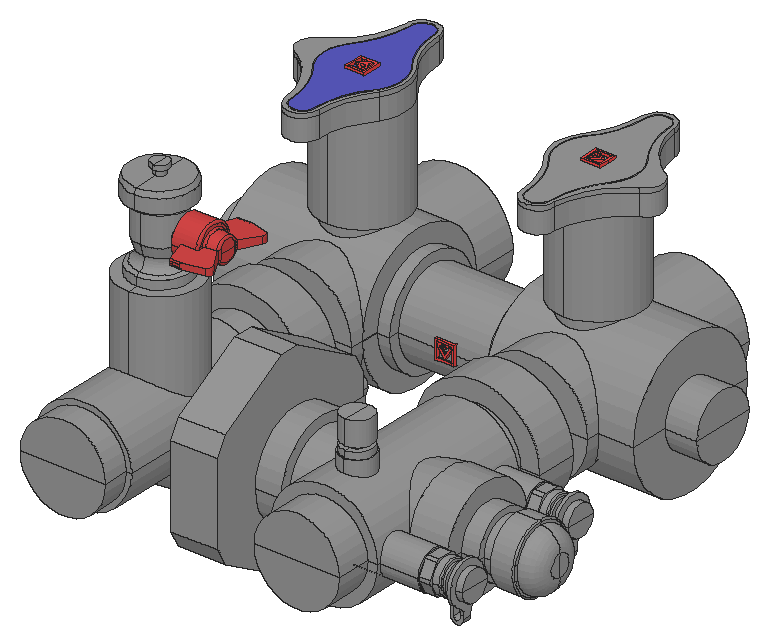
Revit family "HerzCon-Fan-coils and terminal units connection 120mm", category Rohrzubehör, Revit 2018
Family settings
  Bemaßung runder Anschluss = Durchmesser verwenden
  Teiletyp = Unterbricht
  OmniClass-Nummer = 23.65.55.14
  OmniClass-Titel = Valves for Liquid Services
  Arbeitsebenenbasiert = Nein
  Immer vertikal = Ja
  Beim Laden mit Abzugskörper schneiden = Nein
  Gemeinsam genutzt = Nein
Parameters (values of type "DN32")
  kvs-Wert (normal funktion) = 4.57  # constant formula
  kvs-Wert (bypass funktion) = 14.2  # constant formula
  URL = "www.herzvalves.com"
  SCRNSEQ = "ARM;TYP_ARM=\"DURR\";02"
  SCRNCODE = "05;04;04"  # constant formula
  Part number [instance] = 1460054  # constant formula
  Nennweite SF [instance] = 40.00 mm  # constant formula
  Nennweite Kombi [instance] = 40.00 mm  # constant formula
  Nennweite KH [instance] = 32.00 mm  # constant formula
  Min. operating temperature = -20 °C  # constant formula
  Membranes and O-rings = "EPDM"  # constant formula
  Medium = "Water purity in accordance with the ÖNORM H 5195 and VDI 2035 standards.\r\nEthylene and propylene glycol can be mixed to a ratio of 25 - 50 vol. [%]."
  Max. operating temperature = 130 °C  # constant formula
  Max. operating pressure = 2500000.0 Pa  # constant formula
  Max. differential pressure = 400000.0 Pa  # constant formula
  L11 = 16.00 mm  # constant formula
  L10 = 29.30 mm  # constant formula
  L09 = 20.00 mm  # constant formula
  L08 = 14.75 mm  # constant formula
  L07 = 19.25 mm  # constant formula
  L06 = 17.00 mm  # constant formula
  L05 = 26.50 mm  # constant formula
  L04 = 55.00 mm  # constant formula
  L03 = 22.40 mm  # constant formula
  L02 = 6.10 mm  # constant formula
  L01 = 15.00 mm  # constant formula
  L00 [instance] = 226.20 mm  # constant formula
  KR02 = 18.25 mm  # constant formula
  KR01 = 35.00 mm  # constant formula
  KL09 = 4.70 mm  # constant formula
  KL08 = KL06 + KL07  # 70.70 mm
  KL07 = 21.80 mm  # constant formula
  KL06 = KH01 + KL05  # 48.90 mm
  KL05 = 15.40 mm  # constant formula
  KL04 = 12.00 mm  # constant formula
  KL03 = KH03 - 9.00 mm  # 57.00 mm
  KL02 = 16.00 mm  # constant formula
  KL01 = 114.00 mm  # constant formula
  KH03 = 66.00 mm  # constant formula
  KH02 = KH01 + KD01  # 58.50 mm
  KH01 = 33.50 mm  # constant formula
  KD09 = 11.25 mm  # constant formula
  KD08 = 24.50 mm  # constant formula
  KD07 = 23.30 mm  # constant formula
  KD06 = 15.00 mm  # constant formula
  KD05 = 12.50 mm  # constant formula
  KD04 = 13.90 mm  # constant formula
  KD03 = 20.00 mm  # constant formula
  KD02 = 20.00 mm  # constant formula
  KD01 = 25.00 mm  # constant formula
  Lift = "4 mm"  # constant formula
  Hersteller = "HERZ Armaturen Ges.m.b.H."  # constant formula
  H01 = D02 + 1.00 mm  # 34.00 mm
  D10 = 21.40 mm  # constant formula
  D09 = 13.00 mm  # constant formula
  D08 = 18.40 mm  # constant formula
  D07 = 39.00 mm  # constant formula
  D06 = 45.00 mm  # constant formula
  D05 = 54.50 mm  # constant formula
  D04 = 20.00 mm  # constant formula
  D03 = 24.50 mm  # constant formula
  D02 = 33.00 mm  # constant formula
  D01 = 15.00 mm  # constant formula
  Body = "dezincification-resistant brass"  # constant formula
  Application = "HerzCON has been designed to give a simple connection to fan-coils, or other terminal units, and utilises the HERZ 4006 SMART Pressure Independent Balancing Control Valve with HERZ multifunctional ball valve and a HERZ strainer with HERZ drain valve 2512.\r\nOn/off or modulating 0 – 10 V DC actuators can be fitted and integrated to a BMS if required.\r\nThe unit allows pressure independent control ensuring full stroke regardless of pressure fluctuations, while guaranteeing a constant flow rate to the terminal unit maximising energy efficiency for the system.\r\nThe HerzCON unit also permits flushing and isolating operations to be undertaken.\r\nThis means there is no product differentiation between heating and chilled, one unit does both applications.\r\nThe drain cock fitted to the strainer allows flushing without the need to remove the strainer basket and also allows the strainer basket to be cleaned in-situ."
Reference planes
  plane 1 "Mitte (Vorne/hinten)": y = 0
  plane 2: z = 0
  plane 3 "Mitte (Links/rechts)": x = 0
Forms (mm)
  Revolve 1, solid, material "Messing, weicher Gelbton, geschweißt", detail levels fine
    sketch origin (0, -1.436, 0) x (1, 0, 0) y (0, 1, 0)
      loop
        line (-113.1, 1.436) -> (113.1, 1.436) -> (113.1, 16.436) -> (98.1, 16.436) -> (98.1, 34.436) -> (28.5, 34.436) -> (28.5, 25.936) -> (22.4, 25.936) -> (22.4, 21.436) -> (-22.4, 21.436) -> (-22.4, 25.936) -> (-28.5, 25.936) -> (-28.5, 34.436) -> (-98.1, 34.436) -> (-98.1, 16.436) -> (-113.1, 16.436) -> (-113.1, 1.436)
      axis (113.1, 1.436) -> (-113.1, 1.436)
    angle from 0 to 360
  Revolve 2, solid, material "Messing, weicher Gelbton, geschweißt", detail levels fine
    sketch origin (0, 0, 0) x (-1, 0, 0) y (0, 1, 0)
      loop
        line (-55, -57.4) -> (-55, 33.1) -> (-71, 33.1) -> (-71, 54.5) -> (-81.5, 54.5) -> (-81.5, -39) -> (-69.75, -39) -> (-69.75, -51.4) -> (-84.3, -51.4) -> (-84.3, -70.4) -> (-75, -70.4) -> (-75, -57.4) -> (-55, -57.4)
      axis (-55, -70.4) -> (-55, 54.5)
    angle from 0 to 360
  Revolve 3, solid, material "Messing, weicher Gelbton, geschweißt", detail levels fine
    sketch origin (0, 0, 0) x (1, 0, 0) y (0, 0, 1)
      loop
        line (-55, 0) -> (-55, 45) -> (-72, 45) -> (-72, 0) -> (-55, 0)
      axis (-55, 45) -> (-55, 0)
    angle from 0 to 360
  Revolve 4, solid, material "Messing, weicher Gelbton, geschweißt", detail levels fine
    sketch origin (0, 0, 0) x (-1, 0, 0) y (0, 0, 1)
      loop
        line (-55, 0) -> (-55, 45) -> (-72, 45) -> (-72, 0) -> (-55, 0)
      axis (-55, 45) -> (-55, 0)
    angle from 0 to 360
  Revolve 5, solid, material "Messing, weicher Gelbton, geschweißt", detail levels fine
    sketch origin (0, 0, 0) x (1, 0, 0) y (0, 1, 0)
      loop
        line (-55, -57.4) -> (-55, 33.1) -> (-71, 33.1) -> (-71, 54.5) -> (-81.5, 54.5) -> (-81.5, -39) -> (-69.75, -39) -> (-69.75, -51.4) -> (-84.3, -51.4) -> (-84.3, -70.4) -> (-75, -70.4) -> (-75, -57.4) -> (-55, -57.4)
      axis (-55, -70.4) -> (-55, 54.5)
    angle from 0 to 360
  Revolve 6, solid, material "Messing, weicher Gelbton, geschweißt", detail levels fine
    sketch origin (10, 7.177, 0) x (1, 0, 0) y (0, 1, 0)
      loop
        line (45, -68.677) -> (25, -68.677) -> (25, -84.677) -> (20, -84.677) -> (20, -166.677) -> (25, -166.677) -> (25, -182.677) -> (45, -182.677) -> (45, -68.677)
      axis (45, -68.677) -> (45, -182.677)
    angle from 0 to 360
  Revolve 7, solid, material "Messing, weicher Gelbton, geschweißt", detail levels fine
    sketch origin (10, -105.85, 0) x (1, 0, 0) y (0, 1, 0)
      loop
        line (11.5, -12.65) -> (11.5, -32.65) -> (45, -32.65) -> (70, -35.95) -> (87.8, -35.95) -> (87.8, -27.65) -> (96.3, -27.65) -> (96.3, -25.15) -> (102, -25.15) -> (102, -26.55) -> (111, -26.55) -> (111, -12.65) -> (11.5, -12.65)
      axis (11.5, -12.65) -> (111, -12.65)
    angle from 0 to 360
  Revolve 8, solid, material "Messing, weicher Gelbton, geschweißt", detail levels fine
    sketch origin (10, -105.85, 0) x (1, 0, 0) y (0, 1, 0)
      loop
        line (11.5, -12.65) -> (-3.9, -12.65) -> (-3.9, -23.9) -> (-0.5, -23.9) -> (-0.5, -37.15) -> (11.5, -37.15) -> (11.5, -12.65)
      axis (-3.9, -12.65) -> (11.5, -12.65)
    angle from 0 to 360
  Extrusion 9, solid, material "Messing, weicher Gelbton, geschweißt", detail levels fine
    sketch origin (-4.9, 62.574, 0) x (0, 1, 0) y (0, 0, 1)
      loop
        line (-176.324, 46) -> (-185.824, 46) -> (-218.536, 27.114) -> (-223.286, 18.886) -> (-223.286, -18.886) -> (-218.536, -27.114) -> (-185.824, -46) -> (-176.324, -46) -> (-143.612, -27.114) -> (-138.862, -18.886) -> (-138.862, 18.886) -> (-143.612, 27.114) -> (-176.324, 46)
    from 11 to -10.8
  Revolve 10, solid, material "Messing, weicher Gelbton, geschweißt", detail levels fine
    sketch origin (-4.9, -105.85, 0) x (1, 0, 0) y (0, 1, 0)
      loop
        line (-10.8, -12.65) -> (-10.8, 22.35) -> (-15.5, 5.6) -> (-15.5, -12.65) -> (-10.8, -12.65)
      axis (-15.5, -12.65) -> (-10.8, -12.65)
    angle from 0 to 360
  Extrusion 11, solid, material "Messing, weicher Gelbton, geschweißt", detail levels fine
    sketch origin (-4.9, -105.85, 0) x (1, 0, 0) y (0, 0, 1)
      loop
        line (11, 8) -> (-7.5, 8)
        arc (-7.5, 8) -> (-15.5, 0) -> (-7.5, -8) r 8
        line (-7.5, -8) -> (11, -8) -> (11, 8)
    from -30.847 to 12.65
  Revolve 12, solid, material "Messing, weicher Gelbton, geschweißt", detail levels fine
    sketch origin (-4.9, -105.85, 0) x (1, 0, 0) y (0, 1, 0)
      loop
        line (-14.5, 30.847) -> (-7.5, 30.847) -> (-7.5, 46.847) -> (-14.5, 46.847) -> (-14.5, 35.847) -> (-11.5, 35.847) -> (-11.5, 33.847) -> (-14.5, 33.847) -> (-14.5, 30.847)
      axis (-7.5, 46.847) -> (-7.5, 30.847)
    angle from 0 to 360
  Revolve 13, solid, material "Messing, weicher Gelbton, geschweißt", detail levels fine
    sketch origin (55, -105.85, 0) x (0, 1, 0) y (0, 0, 1)
      loop
        line (-34.65, 0) -> (-26.85, 0) -> (-26.85, 31) -> (-27.65, 31) -> (-27.65, 34) -> (-30.65, 34) -> (-30.65, 36) -> (-27.65, 36) -> (-27.65, 47) -> (-34.65, 47) -> (-34.65, 0)
      axis (-34.65, 47) -> (-34.65, 0)
    angle from 0 to 360
  Revolve 14, solid, material "Messing, weicher Gelbton, geschweißt", detail levels fine
    sketch origin (0, 0, 0) x (1, 0, 0) y (0, 1, 0)
      loop
        line (55, -96.5) -> (97.8, -96.5) -> (97.8, -87.5) -> (55, -87.5) -> (55, -96.5)
      axis (97.8, -87.5) -> (55, -87.5)
    angle from 0 to 360
  Revolve 15, solid, material "Messing, weicher Gelbton, geschweißt", detail levels fine
    sketch origin (0, -396.8, 0) x (1, 0, 0) y (0, -1, 0)
      loop
        line (55, -256.3) -> (97.8, -256.3) -> (97.8, -247.3) -> (55, -247.3) -> (55, -256.3)
      axis (97.8, -247.3) -> (55, -247.3)
    angle from 0 to 360
  Revolve 16, solid, material "Messing, weicher Gelbton, geschweißt", detail levels fine
    sketch origin (0, 251.113, 0) x (1, 0, 0) y (0, 1, 0)
      loop
        line (-55, -312.613) -> (-75, -312.613) -> (-75, -335.613) -> (-77.5, -335.613) -> (-77.5, -413.943) -> (-75, -413.943) -> (-75, -425.613) -> (-55, -425.613) -> (-55, -312.613)
      axis (-55, -312.613) -> (-55, -425.613)
    angle from 0 to 360
  Revolve 17, solid, material "Messing, weicher Gelbton, geschweißt", detail levels fine
    sketch origin (-55, 0, 0) x (0, 1, 0) y (0, 0, 1)
      loop
        line (-105, 0) -> (-105, -36)
        arc (-105, -36) -> (-92.506, -32.657) -> (-84.5, -22.5) r 20.5
        line (-84.5, -22.5) -> (-84.5, 0) -> (-105, 0)
      axis (-105, 0) -> (-105, -36)
    angle from 0 to 360
  Revolve 18, solid, material "Messing, weicher Gelbton, geschweißt", detail levels fine
    sketch origin (-55, -511.376, 0) x (0, 1, 0) y (0, 0, 1)
      loop
        line (393.376, 0) -> (411.876, 0) -> (411.876, 57) -> (406.876, 57) -> (406.876, 61) -> (404.999, 62.084)
        arc (404.999, 62.084) -> (402.831, 64.622) -> (402.743, 67.959) r 5
        line (402.743, 67.959) -> (404.381, 73) -> (404.381, 88) -> (406.581, 88) -> (406.581, 89.5) -> (408.361, 89.5) -> (408.361, 96) -> (407.361, 98.5) -> (395.861, 98.5) -> (395.861, 101.5) -> (397.361, 101.5) -> (397.361, 103.5) -> (393.376, 103.5) -> (393.376, 0)
      axis (393.376, 103.5) -> (393.376, 0)
    angle from 0 to 360
  Extrusion 19, solid, material "Messing, weicher Gelbton, geschweißt", detail levels fine
    sketch origin (5.52, -501.459, 12) x (0, 1, 0) y (0, 0, 1)
      loop
        circle (383.459, 65) r 5.5
    from -60.52 to -43.52
Dimensions and locks
  "L00": Revolve 1 sketch curve to Revolve 1 sketch curve
  "L01": Revolve 1 sketch curve to Revolve 1 sketch curve  (x2)
  "L02": Revolve 1 sketch curve to Revolve 1 sketch curve  (x2)
  equal spacing: Revolve 1 sketch curve, plane 3 "Mitte (Links/rechts)", Revolve 1 sketch curve
  "D01": Revolve 1 sketch curve to Revolve 1 sketch curve  (x2)
  "D02": Revolve 1 sketch curve to Revolve 1 sketch curve  (x2)
  "D03": Revolve 1 sketch curve to Revolve 1 sketch curve  (x2)
  "D04": Revolve 1 sketch curve to Revolve 1 sketch curve
  "D04": nested 2 to plane 1 "Mitte (Vorne/hinten)"
  "D04": nested 1 to plane 1 "Mitte (Vorne/hinten)"
  "L03": Revolve 1 sketch curve to plane 3 "Mitte (Links/rechts)" to Revolve 1 sketch curve
  "L05": Revolve 2 sketch curve to Revolve 2 sketch curve
  "L04": plane 3 "Mitte (Links/rechts)" to Revolve 2 sketch curve  (x2)
  "L04": plane 3 "Mitte (Links/rechts)" to Revolve 3 sketch curve  (x2)
  "L06": Revolve 3 sketch curve to Revolve 3 sketch curve
  "D06": Revolve 3 sketch curve to plane 2
  "L06": Revolve 4 sketch curve to Revolve 4 sketch curve
  "D06": Revolve 4 sketch curve to plane 2
  "L04": plane 3 "Mitte (Links/rechts)" to Revolve 4 sketch curve
  "L04": Revolve 4 sketch curve to plane 3 "Mitte (Links/rechts)"
  "L04": plane 3 "Mitte (Links/rechts)" to nested 3
  "L04": nested 4 to plane 3 "Mitte (Links/rechts)"
  "H01": nested 3 to plane 2
  "H01": nested 4 to plane 2
  "D05": plane 1 "Mitte (Vorne/hinten)" to Revolve 2 sketch curve
  "D07": Revolve 2 sketch curve to plane 1 "Mitte (Vorne/hinten)"
  "D08": Revolve 2 sketch curve to Revolve 2 sketch curve
  "L08": Revolve 2 sketch curve to Revolve 2 sketch curve
  "L10": Revolve 2 sketch curve to Revolve 2 sketch curve
  "L09": Revolve 2 sketch curve to Revolve 2 sketch curve
  "D09": Revolve 2 sketch curve to Revolve 2 sketch curve
  "L05": Revolve 5 sketch curve to Revolve 5 sketch curve
  "D08": Revolve 5 sketch curve to Revolve 5 sketch curve
  "L08": Revolve 5 sketch curve to Revolve 5 sketch curve
  "L10": Revolve 5 sketch curve to Revolve 5 sketch curve
  "L09": Revolve 5 sketch curve to Revolve 5 sketch curve
  "D09": Revolve 5 sketch curve to Revolve 5 sketch curve
  "D05": plane 1 "Mitte (Vorne/hinten)" to Revolve 5 sketch curve
  "D07": Revolve 5 sketch curve to plane 1 "Mitte (Vorne/hinten)"
  "L11": Revolve 5 sketch curve to Revolve 5 sketch curve
  "L04": Revolve 5 sketch curve to plane 3 "Mitte (Links/rechts)"  (x2)
  "D10": Revolve 5 sketch curve to Revolve 5 sketch curve
  "L11": Revolve 2 sketch curve to Revolve 2 sketch curve
  "D10": Revolve 2 sketch curve to Revolve 2 sketch curve
  "KD02": Revolve 6 sketch curve to Revolve 6 sketch curve  (x2)
  "KD01": Revolve 6 sketch curve to Revolve 6 sketch curve
  Revolve 6 sketch curve to Revolve 6 sketch curve = 114.00 mm
  "KL02": Revolve 6 sketch curve to Revolve 6 sketch curve  (x2)
  equal spacing: Revolve 6, Revolve 7 sketch curve, Revolve 6  (x2)
  Revolve 7 sketch curve to Revolve 7 sketch curve = 99.50 mm
  Revolve 7 sketch curve to Revolve 7 sketch curve = 9.00 mm
  Revolve 7 sketch curve to Revolve 7 sketch curve = 5.70 mm
  Revolve 7 sketch curve to Revolve 7 sketch curve = 8.50 mm
  "KD04": Revolve 7 sketch curve to Revolve 7 sketch curve
  "KD05": Revolve 7 sketch curve to Revolve 7 sketch curve
  "KD06": Revolve 7 sketch curve to Revolve 7 sketch curve
  "KD03": Revolve 7 sketch curve to Revolve 7 sketch curve
  "KH01": Revolve 7 sketch curve to Revolve 7 sketch curve
  "KH02": Revolve 7 sketch curve to Revolve 7 sketch curve
  "KH01": Revolve 8 sketch curve to Revolve 7
  equal spacing: Revolve 6, Revolve 8 sketch curve, Revolve 6  (x2)
  "KD08": Revolve 8 sketch curve to Revolve 8 sketch curve
  "KD09": Revolve 8 sketch curve to Revolve 8 sketch curve
  "KL05": Revolve 8 sketch curve to Revolve 8 sketch curve
  "KL04": Revolve 8 sketch curve to Revolve 8 sketch curve
  equal spacing: Revolve 6, Revolve 10 sketch curve, Revolve 6  (x2)
  "KR02": Revolve 10 sketch curve to Revolve 10 sketch curve
  "KR01": Revolve 10 sketch curve to Revolve 10 sketch curve
  "KL09": Revolve 10 sketch curve to Extrusion 9
  equal spacing: Revolve 6, nested 5, Revolve 6
  Revolve 12 sketch curve to Revolve 12 sketch curve = 7.00 mm  (x2)
  Revolve 12 sketch curve to Revolve 12 sketch curve = 4.00 mm
  Revolve 12 sketch curve to Revolve 12 sketch curve = 3.00 mm
  Revolve 12 sketch curve to Revolve 12 sketch curve = 2.00 mm
  Revolve 12 sketch curve to Revolve 12 sketch curve = 11.00 mm
  Revolve 10 to Revolve 12 sketch curve = 1.00 mm
  Revolve 10 to Revolve 12 sketch curve = 8.00 mm
  Extrusion 11 to Revolve 12 sketch curve = 43.497 mm
  equal spacing: Revolve 6, Extrusion 11, Revolve 6
  Revolve 13 sketch curve to Revolve 13 sketch curve = 7.80 mm
  Revolve 13 sketch curve to Revolve 13 sketch curve = 7.00 mm  (x2)
  Revolve 13 sketch curve to Revolve 13 sketch curve = 4.00 mm
  Revolve 13 sketch curve to Revolve 13 sketch curve = 3.00 mm
  Revolve 13 sketch curve to Revolve 13 sketch curve = 2.00 mm
  Revolve 13 sketch curve to Revolve 13 sketch curve = 11.00 mm
  "L04": plane 3 "Mitte (Links/rechts)" to Revolve 6 sketch curve  (x2)
  "KH03": Revolve 7 sketch curve to Revolve 7 sketch curve
  "KD07": Revolve 7 sketch curve to Revolve 7 sketch curve
  "KL03": Revolve 7 to nested 5
  "KL06": Extrusion 9 to Revolve 7
  Extrusion 9 sketch curve to Extrusion 9 sketch curve = 92.00 mm  (x3)
  Extrusion 9 sketch curve to Extrusion 9 sketch curve = 84.424 mm  (x3)
  "KL07": Extrusion 9 to Extrusion 9
  "KL08": Revolve 10 sketch curve to Revolve 7
  Revolve 6 to Extrusion 9 sketch curve = 14.788 mm
  Extrusion 9 sketch curve to Revolve 6 = 14.788 mm
  Extrusion 11 sketch curve to Extrusion 11 sketch curve = 26.50 mm
  Revolve 14 sketch curve to Revolve 14 sketch curve = 42.80 mm
  Revolve 14 sketch curve to Revolve 14 sketch curve = 9.00 mm
  Revolve 14 sketch curve to Revolve 6 = 26.00 mm  (x2)
  Revolve 15 sketch curve to Revolve 15 sketch curve = 42.80 mm
  Revolve 15 sketch curve to Revolve 15 sketch curve = 9.00 mm
  Revolve 6 to Revolve 15 sketch curve = 26.00 mm  (x2)
  Revolve 6 to nested 6 = 26.00 mm
  Revolve 7 to nested 6 = 42.80 mm
  nested 7 to Revolve 6 = 26.00 mm
  Revolve 7 to nested 7 = 42.80 mm
  Revolve 13 sketch curve to plane 2 = 31.00 mm
  Revolve 13 sketch curve to Revolve 6 = 35.00 mm  (x2)
  Revolve 2 to Revolve 6 = 230.00 mm
  Revolve 16 sketch curve to Revolve 16 sketch curve = 23.00 mm
  Revolve 16 sketch curve to Revolve 16 sketch curve = 11.67 mm
  Revolve 16 sketch curve to Revolve 16 sketch curve = 113.00 mm
  "L04": Revolve 16 sketch curve to plane 3 "Mitte (Links/rechts)"  (x2)
  Revolve 16 sketch curve to Revolve 16 sketch curve = 20.00 mm  (x2)
  Revolve 16 sketch curve to Revolve 16 sketch curve = 22.50 mm
  Revolve 17 sketch curve to Revolve 17 sketch curve = 22.50 mm
  Revolve 17 sketch curve to Revolve 17 sketch curve = 20.50 mm
  "L04": Revolve 17 to plane 3 "Mitte (Links/rechts)"
  Revolve 18 sketch curve to Revolve 18 sketch curve = 13.50 mm
  "L04": Revolve 18 to plane 3 "Mitte (Links/rechts)"
  Revolve 18 sketch curve to plane 2 = 57.00 mm
  Revolve 18 sketch curve to Revolve 18 sketch curve = 4.00 mm
  equal spacing: Revolve 16, Revolve 18 sketch curve, Revolve 16  (x2)
  "L04": Extrusion 19 to plane 3 "Mitte (Links/rechts)"
  Extrusion 19 to Extrusion 19 = 17.00 mm
  Revolve 18 to Extrusion 19 = 11.00 mm
  Revolve 18 to nested 8 = 11.00 mm
  equal spacing: Revolve 16, nested 8, Revolve 16
  equal spacing: Revolve 16, Extrusion 19 sketch curve, Revolve 16
  Revolve 16 to Revolve 5 = 229.00 mm
  Revolve 16 to Revolve 17 sketch curve = 43.50 mm  (x2)
  plane 2 to Revolve 17 sketch curve = 36.00 mm
  radius of Extrusion 11 sketch curve = 8.00 mm
  radius of Extrusion 19 sketch curve = 5.50 mm
  aligned and locked: level to plane 2
Automatic sketch dimensions
  Extrusion 9 sketch curve to level = 27.114 mm  (x2)
  Extrusion 9 sketch curve to Extrusion 9 sketch curve = 4.75 mm  (x2)
  level to Extrusion 9 sketch curve = 27.114 mm  (x2)
  Extrusion 9 sketch curve to Extrusion 9 sketch curve = 32.712 mm  (x2)
  level to Extrusion 9 sketch curve = 46.00 mm
  Extrusion 9 sketch curve to Extrusion 9 sketch curve = 9.50 mm
  Extrusion 9 sketch curve to Extrusion 9 sketch curve = 8.227 mm  (x2)
  Extrusion 11 sketch curve to level = 0.00 mm
  Extrusion 11 sketch curve to plane 3 "Mitte (Links/rechts)" = 12.40 mm
  Revolve 12 sketch curve to Revolve 12 sketch curve = 1.775 mm
  Revolve 12 sketch curve to Revolve 12 sketch curve = 4.225 mm
  Revolve 13 sketch curve to level = 0.00 mm
  level to Revolve 13 sketch curve = 7.505 mm
  Revolve 13 sketch curve to Revolve 13 sketch curve = 10.256 mm
  plane 3 "Mitte (Links/rechts)" to Revolve 14 sketch curve = 55.00 mm
  Revolve 14 sketch curve to Revolve 14 sketch curve = 12.80 mm
  Revolve 14 sketch curve to Revolve 14 sketch curve = 5.00 mm
  Revolve 15 sketch curve to plane 3 "Mitte (Links/rechts)" = 55.00 mm
  Revolve 15 sketch curve to Revolve 15 sketch curve = 12.80 mm
  Revolve 15 sketch curve to Revolve 15 sketch curve = 5.00 mm
  Revolve 17 sketch curve to level = 0.00 mm
  Revolve 17 sketch curve to Revolve 17 sketch curve = 1.219 mm
  Revolve 17 sketch curve to Revolve 17 sketch curve = 6.00 mm
  Revolve 17 sketch curve to level = 5.00 mm
  Revolve 18 sketch curve to level = 0.00 mm
  Revolve 18 sketch curve to Revolve 18 sketch curve = 2.485 mm
  Revolve 18 sketch curve to Revolve 18 sketch curve = 1.50 mm  (x2)
  level to Revolve 18 sketch curve = 67.959 mm
  Revolve 18 sketch curve to Revolve 18 sketch curve = 6.883 mm
  Revolve 18 sketch curve to Revolve 18 sketch curve = 8.52 mm
  level to Revolve 18 sketch curve = 62.084 mm
  Revolve 18 sketch curve to Revolve 18 sketch curve = 2.255 mm
  Revolve 18 sketch curve to Revolve 18 sketch curve = 2.20 mm
  level to Revolve 18 sketch curve = 98.50 mm
  Revolve 18 sketch curve to Revolve 18 sketch curve = 0.78 mm
  Revolve 18 sketch curve to Revolve 18 sketch curve = 2.50 mm  (x2)
  Revolve 18 sketch curve to Revolve 18 sketch curve = 1.78 mm
  Revolve 18 sketch curve to Revolve 18 sketch curve = 5.041 mm
  Revolve 18 sketch curve to Revolve 18 sketch curve = 10.50 mm
  Revolve 18 sketch curve to Revolve 18 sketch curve = 3.00 mm
  Revolve 18 sketch curve to Revolve 18 sketch curve = 2.00 mm
  Revolve 18 sketch curve to Revolve 18 sketch curve = 8.124 mm
  Revolve 18 sketch curve to Revolve 18 sketch curve = 5.00 mm
  Revolve 18 sketch curve to Revolve 18 sketch curve = 21.227 mm
  level to Extrusion 19 sketch curve = 77.00 mm
  Revolve 1 sketch curve to plane 1 "Mitte (Vorne/hinten)" = 0.00 mm
  plane 1 "Mitte (Vorne/hinten)" to Revolve 1 sketch curve = 0.00 mm
  Revolve 1 sketch curve to Revolve 1 sketch curve = 1904.835 mm  (x2)
  Revolve 2 sketch curve to Revolve 2 sketch curve = 6.00 mm
  Revolve 2 sketch curve to Revolve 2 sketch curve = 7.746 mm
  Revolve 2 sketch curve to Revolve 2 sketch curve = 7.208 mm
  Revolve 3 sketch curve to level = 0.00 mm  (x2)
  Revolve 3 sketch curve to Revolve 3 sketch curve = 6.726 mm
  Revolve 4 sketch curve to level = 0.00 mm  (x2)
  Revolve 4 sketch curve to Revolve 4 sketch curve = 6.726 mm
  Revolve 5 sketch curve to Revolve 5 sketch curve = 6.00 mm
  Revolve 5 sketch curve to Revolve 5 sketch curve = 7.746 mm
  Revolve 5 sketch curve to Revolve 5 sketch curve = 7.208 mm
  plane 1 "Mitte (Vorne/hinten)" to Revolve 6 sketch curve = 175.50 mm
  Revolve 6 sketch curve to Revolve 6 sketch curve = 6.00 mm
  Revolve 6 sketch curve to Revolve 6 sketch curve = 5.00 mm
  plane 3 "Mitte (Links/rechts)" to Revolve 7 sketch curve = 21.50 mm
  Revolve 7 sketch curve to Revolve 7 sketch curve = 5.00 mm
  Revolve 7 sketch curve to Revolve 7 sketch curve = 11.575 mm
  Revolve 8 sketch curve to Revolve 8 sketch curve = 2.197 mm
  Revolve 8 sketch curve to Revolve 8 sketch curve = 3.212 mm
  Revolve 10 sketch curve to Revolve 10 sketch curve = 0.00 mm  (x2)
  plane 1 "Mitte (Vorne/hinten)" to Revolve 16 sketch curve = 174.50 mm
  Revolve 16 sketch curve to Revolve 16 sketch curve = 26.33 mm
  Revolve 16 sketch curve to Revolve 16 sketch curve = 12.00 mm
Nested families
  nested 1: "Herz-Logo-vorne" at (0, -20, 0) x (0, 1, 0) z (0, 0, 1), type "Herz-Logo-vorne", detail levels fine
  nested 2: "Herz-Logo-vorne" at (0, 20, 0) x (0, 1, 0) z (0, 0, 1), type "Herz-Logo-vorne", detail levels fine
  nested 3: "Handrad (blau) für HerzCon DN25-DN32" at (-55, 0, 34) x (0, -1, 0) z (0, 0, 1), type "Handrad (blau) für HerzCon DN25-DN32", detail levels fine
  nested 4: "Handrad (rot) für HerzCon DN25-DN32" at (55, 0, 34) x (0, 1, 0) z (0, 0, 1), type "Handrad (rot) für HerzCon DN25-DN32", detail levels fine
  nested 5: "Bauschutzkappe für HerCon" at (112, -118.5, 0), type "Bauschutzkappe für HerCon", detail levels fine
  nested 6: "Messstutzen_Band_Eintritt" at (80.3, -149.5, 0) x (0, 1, 0) z (0, 0, 1), type "Messstutzen_Band_Eintritt", detail levels fine
    with Schutzkappe yes, Nennweite 0.00 mm, Gewicht 0.00 kg, Bestellnummer 0
  nested 7: "Messstutzen_Band_Austritt" at (80.3, -87.5, 0) x (0, 1, 0) z (0, 0, 1), type "Messstutzen_Band_Austritt", detail levels fine
    with Schutzkappe yes, Nennweite 0.00 mm, Gewicht 0.00 kg, Bestellnummer 0
  nested 8: "Flügelgriff rot (seite)" at (-42, -118, 77), type "Flügelgriff rot (seite)"
Connectors
  piping at (55, -175.5, 0), diameter 40, driven by "Nennweite Kombi"
    settings: on Revolve 6, index 1, connector inside diameter 609.6 mm, connector length 0.00 mm, flow factor 0, pipe flow 0.0 L/s, pressure drop 0.0 Pa, fitting loss kfactor 0, connector angle 0.00°, fixture units 0, engagement length 0.00 mm, angle of deflection 0.00°, flow configuration 0, flow direction 1, fitting loss method 0, system type 7, joint type 0, gender type 0, connector reference index -1, connector utility 0, adjustable connector no, is connector primary yes, connector description ""
  piping at (-55, -174.5, 0), diameter 40, driven by "Nennweite SF"
    settings: on Revolve 16, index 2, connector inside diameter 609.6 mm, connector length 0.00 mm, flow factor 0, pipe flow 0.0 L/s, pressure drop 0.0 Pa, fitting loss kfactor 0, connector angle 0.00°, fixture units 0, engagement length 0.00 mm, angle of deflection 0.00°, flow configuration 0, flow direction 2, fitting loss method 0, system type 8, joint type 0, gender type 0, connector reference index -1, connector utility 0, adjustable connector no, is connector primary no, connector description ""
  piping at (55, 33.1, 0), diameter 32, driven by "Nennweite KH"
    settings: on Revolve 2, index 3, connector inside diameter 609.6 mm, connector length 0.00 mm, flow factor 0, pipe flow 0.0 L/s, pressure drop 0.0 Pa, fitting loss kfactor 0, connector angle 0.00°, fixture units 0, engagement length 0.00 mm, angle of deflection 0.00°, flow configuration 0, flow direction 2, fitting loss method 0, system type 7, joint type 0, gender type 0, connector reference index -1, connector utility 0, adjustable connector no, is connector primary no, connector description ""
  piping at (-55, 33.1, 0), diameter 32, driven by "Nennweite KH"
    settings: on Revolve 5, index 4, connector inside diameter 609.6 mm, connector length 0.00 mm, flow factor 0, pipe flow 0.0 L/s, pressure drop 0.0 Pa, fitting loss kfactor 0, connector angle 0.00°, fixture units 0, engagement length 0.00 mm, angle of deflection 0.00°, flow configuration 0, flow direction 1, fitting loss method 0, system type 8, joint type 0, gender type 0, connector reference index -1, connector utility 0, adjustable connector no, is connector primary no, connector description ""
Definition of nested family "Herz-Logo-vorne"
  Reference planes
    plane 1 "Mitte (Vorne/hinten)": y = 0
    plane 2: z = 0
    plane 3 "Mitte (Links/rechts)": x = 0
  Forms (mm)
    Extrusion 1, solid
      sketch origin (0.732, -0.018, 0.017) x (0, -1, 0) y (0, 0, 1)
        loop
          line (-0.018, -4.517) -> (4.482, -4.517) -> (4.482, 4.483) -> (-4.518, 4.483) -> (-4.518, -4.517) -> (-0.018, -4.517)
        loop
          line (-0.05, -3.48) -> (3.482, -3.48) -> (3.482, 3.483) -> (-3.518, 3.483) -> (-3.518, -3.48) -> (-0.05, -3.48)
        loop
          arc (-0.018, 2.383) -> (-1.543, 3.287) -> (-3.067, 2.383) r 1.738
          arc (-3.067, 2.383) -> (-3.191, 1.899) -> (-3.067, 1.415) r 1.009
          line (-3.067, 1.415) -> (-0.018, -3.281) -> (3.032, 1.415)
          arc (3.032, 1.415) -> (3.156, 1.899) -> (3.032, 2.383) r 1.009
          arc (3.032, 2.383) -> (1.507, 3.287) -> (-0.018, 2.383) r 1.738
        loop
          arc (1.885, 1.272) -> (2.005, 1.675) -> (1.885, 2.079) r 0.74
          arc (1.885, 2.079) -> (1.265, 2.416) -> (0.644, 2.079) r 0.74
          line (0.644, 2.079) -> (-0.018, 0.97) -> (-0.679, 2.079)
          arc (-0.679, 2.079) -> (-1.3, 2.416) -> (-1.921, 2.079) r 0.74
          arc (-1.921, 2.079) -> (-2.04, 1.675) -> (-1.921, 1.272) r 0.74
          line (-1.921, 1.272) -> (-0.018, -1.658) -> (1.885, 1.272)
      from 0 to 1.5
  Dimensions and locks
    aligned and locked: level to plane 2
Definition of nested family "Handrad (blau) für HerzCon DN25-DN32"
  Reference planes
    plane 1 "Mitte (Vorne/hinten)": y = 0
    plane 2: z = 0
    plane 3 "Mitte (Links/rechts)": x = 0
  Forms (mm)
    Extrusion 1, solid, detail levels fine
      sketch origin (0, 0, 0) x (1, 0, 0) y (0, 1, 0)
        loop
          circle (0, 0) r 20
      from 0 to 45
    Extrusion 2, solid, detail levels fine
      sketch origin (0, 0, 0) x (1, 0, 0) y (0, 1, 0)
        loop
          arc (-35, 7.5) -> (-42.5, 0) -> (-35, -7.5) r 7.5
          arc (-35, -7.5) -> (-19.287, -13.2) -> (-7.275, -24.825) r 40
          arc (-7.275, -24.825) -> (0, -30) -> (7.275, -24.825) r 7.7
          arc (7.275, -24.825) -> (19.287, -13.2) -> (35, -7.5) r 40
          arc (35, -7.5) -> (42.5, 0) -> (35, 7.5) r 7.5
          arc (35, 7.5) -> (22.22, 10.127) -> (10.965, 16.726) r 40
          arc (10.965, 16.726) -> (0, 20) -> (-10.965, 16.726) r 20
          arc (-10.965, 16.726) -> (-22.22, 10.127) -> (-35, 7.5) r 40
      from 45 to 55
    Extrusion 3, solid, detail levels fine
      sketch origin (0, 0, 0) x (1, 0, 0) y (0, 1, 0)
        loop
          arc (-35, 7.5) -> (-42.5, 0) -> (-35, -7.5) r 7.5
          arc (-35, -7.5) -> (-19.287, -13.2) -> (-7.275, -24.825) r 40
          arc (-7.275, -24.825) -> (0, -30) -> (7.275, -24.825) r 7.7
          arc (7.275, -24.825) -> (19.287, -13.2) -> (35, -7.5) r 40
          arc (35, -7.5) -> (42.5, 0) -> (35, 7.5) r 7.5
          arc (35, 7.5) -> (22.22, 10.127) -> (10.965, 16.726) r 40
          arc (10.965, 16.726) -> (0, 20) -> (-10.965, 16.726) r 20
          arc (-10.965, 16.726) -> (-22.22, 10.127) -> (-35, 7.5) r 40
        loop
          arc (-34.965, 5.5) -> (-40.5, 0) -> (-34.965, -5.5) r 5.5
          arc (-34.965, -5.5) -> (-21.579, -8.231) -> (-9.777, -15.113) r 42
          arc (-9.777, -15.113) -> (0, -18) -> (9.777, -15.113) r 18
          arc (9.777, -15.113) -> (21.579, -8.231) -> (34.965, -5.5) r 42
          arc (34.965, -5.5) -> (40.5, 0) -> (34.965, 5.5) r 5.5
          arc (34.965, 5.5) -> (21.579, 8.231) -> (9.777, 15.113) r 42
          arc (9.777, 15.113) -> (0, 18) -> (-9.777, 15.113) r 18
          arc (-9.777, 15.113) -> (-21.579, 8.231) -> (-34.965, 5.5) r 42
      from 55 to 57
    Extrusion 4, solid, detail levels fine
      sketch origin (0, 0, 0) x (1, 0, 0) y (0, 1, 0)
        loop
          arc (-34.965, 5.5) -> (-40.5, 0) -> (-34.965, -5.5) r 5.5
          arc (-34.965, -5.5) -> (-21.579, -8.231) -> (-9.777, -15.113) r 42
          arc (-9.777, -15.113) -> (0, -18) -> (9.777, -15.113) r 18
          arc (9.777, -15.113) -> (21.579, -8.231) -> (34.965, -5.5) r 42
          arc (34.965, -5.5) -> (40.5, 0) -> (34.965, 5.5) r 5.5
          arc (34.965, 5.5) -> (21.579, 8.231) -> (9.777, 15.113) r 42
          arc (9.777, 15.113) -> (0, 18) -> (-9.777, 15.113) r 18
          arc (-9.777, 15.113) -> (-21.579, 8.231) -> (-34.965, 5.5) r 42
      from 55 to 57
  Dimensions and locks
    aligned and locked: level to plane 2
  Nested families
    nested 1: "Herz-Logo" at (0, 0, 56.5), type "Herz-Logo", detail levels fine
  Definition of nested family "Herz-Logo"
    Reference planes
      plane 1 "Mitte (Vorne/hinten)": y = 0
      plane 2: z = 0
      plane 3 "Mitte (Links/rechts)": x = 0
    Forms (mm)
      Extrusion 1, solid
        sketch origin (0, 0, 0) x (1, 0, 0) y (0, 1, 0)
          loop
            line (-0.018, -4.517) -> (4.482, -4.517) -> (4.482, 4.483) -> (-4.518, 4.483) -> (-4.518, -4.517) -> (-0.018, -4.517)
          loop
            line (-0.05, -3.48) -> (3.482, -3.48) -> (3.482, 3.483) -> (-3.518, 3.483) -> (-3.518, -3.48) -> (-0.05, -3.48)
          loop
            arc (-0.018, 2.383) -> (-1.543, 3.287) -> (-3.067, 2.383) r 1.738
            arc (-3.067, 2.383) -> (-3.191, 1.899) -> (-3.067, 1.415) r 1.009
            line (-3.067, 1.415) -> (-0.018, -3.281) -> (3.032, 1.415)
            arc (3.032, 1.415) -> (3.156, 1.899) -> (3.032, 2.383) r 1.009
            arc (3.032, 2.383) -> (1.507, 3.287) -> (-0.018, 2.383) r 1.738
          loop
            arc (1.885, 1.272) -> (2.005, 1.675) -> (1.885, 2.079) r 0.74
            arc (1.885, 2.079) -> (1.265, 2.416) -> (0.644, 2.079) r 0.74
            line (0.644, 2.079) -> (-0.018, 0.97) -> (-0.679, 2.079)
            arc (-0.679, 2.079) -> (-1.3, 2.416) -> (-1.921, 2.079) r 0.74
            arc (-1.921, 2.079) -> (-2.04, 1.675) -> (-1.921, 1.272) r 0.74
            line (-1.921, 1.272) -> (-0.018, -1.658) -> (1.885, 1.272)
        from 0 to 1.5
    Dimensions and locks
      aligned and locked: level to plane 2
Definition of nested family "Handrad (rot) für HerzCon DN25-DN32"
  Reference planes
    plane 1 "Mitte (Vorne/hinten)": y = 0
    plane 2: z = 0
    plane 3 "Mitte (Links/rechts)": x = 0
  Forms (mm)
    Extrusion 1, solid, detail levels fine
      sketch origin (0, 0, 0) x (1, 0, 0) y (0, 1, 0)
        loop
          circle (0, 0) r 20
      from 0 to 45
    Extrusion 2, solid, detail levels fine
      sketch origin (0, 0, 0) x (1, 0, 0) y (0, 1, 0)
        loop
          arc (-35, 7.5) -> (-42.5, 0) -> (-35, -7.5) r 7.5
          arc (-35, -7.5) -> (-19.287, -13.2) -> (-7.275, -24.825) r 40
          arc (-7.275, -24.825) -> (0, -30) -> (7.275, -24.825) r 7.7
          arc (7.275, -24.825) -> (19.287, -13.2) -> (35, -7.5) r 40
          arc (35, -7.5) -> (42.5, 0) -> (35, 7.5) r 7.5
          arc (35, 7.5) -> (22.22, 10.127) -> (10.965, 16.726) r 40
          arc (10.965, 16.726) -> (0, 20) -> (-10.965, 16.726) r 20
          arc (-10.965, 16.726) -> (-22.22, 10.127) -> (-35, 7.5) r 40
      from 45 to 55
    Extrusion 3, solid, detail levels fine
      sketch origin (0, 0, 0) x (1, 0, 0) y (0, 1, 0)
        loop
          arc (-35, 7.5) -> (-42.5, 0) -> (-35, -7.5) r 7.5
          arc (-35, -7.5) -> (-19.287, -13.2) -> (-7.275, -24.825) r 40
          arc (-7.275, -24.825) -> (0, -30) -> (7.275, -24.825) r 7.7
          arc (7.275, -24.825) -> (19.287, -13.2) -> (35, -7.5) r 40
          arc (35, -7.5) -> (42.5, 0) -> (35, 7.5) r 7.5
          arc (35, 7.5) -> (22.22, 10.127) -> (10.965, 16.726) r 40
          arc (10.965, 16.726) -> (0, 20) -> (-10.965, 16.726) r 20
          arc (-10.965, 16.726) -> (-22.22, 10.127) -> (-35, 7.5) r 40
        loop
          arc (-34.965, 5.5) -> (-40.5, 0) -> (-34.965, -5.5) r 5.5
          arc (-34.965, -5.5) -> (-21.579, -8.231) -> (-9.777, -15.113) r 42
          arc (-9.777, -15.113) -> (0, -18) -> (9.777, -15.113) r 18
          arc (9.777, -15.113) -> (21.579, -8.231) -> (34.965, -5.5) r 42
          arc (34.965, -5.5) -> (40.5, 0) -> (34.965, 5.5) r 5.5
          arc (34.965, 5.5) -> (21.579, 8.231) -> (9.777, 15.113) r 42
          arc (9.777, 15.113) -> (0, 18) -> (-9.777, 15.113) r 18
          arc (-9.777, 15.113) -> (-21.579, 8.231) -> (-34.965, 5.5) r 42
      from 55 to 57
    Extrusion 4, solid, detail levels fine
      sketch origin (0, 0, 0) x (1, 0, 0) y (0, 1, 0)
        loop
          arc (-34.965, 5.5) -> (-40.5, 0) -> (-34.965, -5.5) r 5.5
          arc (-34.965, -5.5) -> (-21.579, -8.231) -> (-9.777, -15.113) r 42
          arc (-9.777, -15.113) -> (0, -18) -> (9.777, -15.113) r 18
          arc (9.777, -15.113) -> (21.579, -8.231) -> (34.965, -5.5) r 42
          arc (34.965, -5.5) -> (40.5, 0) -> (34.965, 5.5) r 5.5
          arc (34.965, 5.5) -> (21.579, 8.231) -> (9.777, 15.113) r 42
          arc (9.777, 15.113) -> (0, 18) -> (-9.777, 15.113) r 18
          arc (-9.777, 15.113) -> (-21.579, 8.231) -> (-34.965, 5.5) r 42
      from 55 to 57
  Dimensions and locks
    aligned and locked: level to plane 2
  Nested families
    nested 1: "Herz-Logo" at (0, 0, 56.5), type "Herz-Logo", detail levels fine
  Definition of nested family "Herz-Logo"
    Reference planes
      plane 1 "Mitte (Vorne/hinten)": y = 0
      plane 2: z = 0
      plane 3 "Mitte (Links/rechts)": x = 0
    Forms (mm)
      Extrusion 1, solid
        sketch origin (0, 0, 0) x (1, 0, 0) y (0, 1, 0)
          loop
            line (-0.018, -4.517) -> (4.482, -4.517) -> (4.482, 4.483) -> (-4.518, 4.483) -> (-4.518, -4.517) -> (-0.018, -4.517)
          loop
            line (-0.05, -3.48) -> (3.482, -3.48) -> (3.482, 3.483) -> (-3.518, 3.483) -> (-3.518, -3.48) -> (-0.05, -3.48)
          loop
            arc (-0.018, 2.383) -> (-1.543, 3.287) -> (-3.067, 2.383) r 1.738
            arc (-3.067, 2.383) -> (-3.191, 1.899) -> (-3.067, 1.415) r 1.009
            line (-3.067, 1.415) -> (-0.018, -3.281) -> (3.032, 1.415)
            arc (3.032, 1.415) -> (3.156, 1.899) -> (3.032, 2.383) r 1.009
            arc (3.032, 2.383) -> (1.507, 3.287) -> (-0.018, 2.383) r 1.738
          loop
            arc (1.885, 1.272) -> (2.005, 1.675) -> (1.885, 2.079) r 0.74
            arc (1.885, 2.079) -> (1.265, 2.416) -> (0.644, 2.079) r 0.74
            line (0.644, 2.079) -> (-0.018, 0.97) -> (-0.679, 2.079)
            arc (-0.679, 2.079) -> (-1.3, 2.416) -> (-1.921, 2.079) r 0.74
            arc (-1.921, 2.079) -> (-2.04, 1.675) -> (-1.921, 1.272) r 0.74
            line (-1.921, 1.272) -> (-0.018, -1.658) -> (1.885, 1.272)
        from 0 to 1.5
    Dimensions and locks
      aligned and locked: level to plane 2
Definition of nested family "Bauschutzkappe für HerCon"
  Reference planes
    plane 1 "Mitte (Vorne/hinten)": y = 0
    plane 2: z = 0
    plane 3 "Mitte (Links/rechts)": x = 0
  Forms (mm)
    Revolve 1, solid, detail levels fine
      sketch origin (0, 0, 0) x (0, 0, 1) y (-1, 0, 0)
        loop
          line (0, 0) -> (-15.5, 0) -> (-15.5, -10.067)
          arc (-15.5, -10.067) -> (-15.733, -10.629) -> (-15.25, -11) r 0.5
          line (-15.25, -11) -> (-14.093, -11)
          arc (-14.093, -11) -> (-11.457, -17.364) -> (-5.093, -20) r 9
          line (-5.093, -20) -> (0, -20) -> (0, 0)
        axis (0, 0) -> (0, -20)
      angle from 0 to 360
  Dimensions and locks
    aligned and locked: level to plane 2
Definition of nested family "Messstutzen_Band_Eintritt"
  Parameters (values of type "Messstutzen_Band_Eintritt")
    URL = "www.herz-armaturen.at"
    Schutzkappe [instance] = yes
    Nennweite [instance] = 0.00 mm
    Manufacturer = "Herz Armaturen GmbH"  # constant formula
    Gewicht [instance] = 0.00 kg
    Bestellnummer [instance] = 0
  Reference planes
    plane 1 "Mitte (Vorne/hinten)": y = 0
    plane 2: z = 0
    plane 3 "Mitte (Links/rechts)": x = 0
    plane 4 "Schlaufe 1": y = -27
    plane 5 "Schlaufe 2": y = -31.678
  Forms (mm)
    Revolve 1, solid, detail levels fine
      sketch origin (0, 0, 0) x (1, 0, 0) y (0, 1, 0)
        loop
          line (-7.4, -9) -> (-7.4, -16.5)
          arc (-7.4, -16.5) -> (-7.693, -17.207) -> (-8.4, -17.5) r 1
          line (-8.4, -17.5) -> (-2, -17.5) -> (-2, 0) -> (-5.555, 0) -> (-6.455, -0.9) -> (-6.455, -4.681) -> (-5.843, -5.293)
          arc (-5.843, -5.293) -> (-5.626, -5.617) -> (-5.55, -6) r 1
          line (-5.55, -6) -> (-5.55, -9) -> (-7.4, -9)
        loop
          line (-3.7, -27) -> (-3.7, -30.45) -> (-4.415, -30.863) -> (-4.415, -35.19) -> (-3.805, -35.8) -> (-2, -35.8) -> (-2, -23) -> (-7.9, -23) -> (-7.9, -26.4) -> (-7.3, -27) -> (-3.7, -27)
        axis (0, 0) -> (0, -35.8)
      angle from 0 to 360
    Extrusion 2, solid, detail levels fine
      sketch origin (0, -17.5, 0) x (-1, 0, 0) y (0, 0, -1)
        loop
          line (5.156, -7.07) -> (8.7, -0.93)
          arc (8.7, -0.93) -> (8.75, 0) -> (8.7, 0.93) r 8.75
          line (8.7, 0.93) -> (5.156, 7.07)
          arc (5.156, 7.07) -> (4.375, 7.578) -> (3.544, 8) r 8.75
          line (3.544, 8) -> (-3.544, 8)
          arc (-3.544, 8) -> (-4.375, 7.578) -> (-5.156, 7.07) r 8.75
          line (-5.156, 7.07) -> (-8.7, 0.93)
          arc (-8.7, 0.93) -> (-8.75, 0) -> (-8.7, -0.93) r 8.75
          line (-8.7, -0.93) -> (-5.156, -7.07)
          arc (-5.156, -7.07) -> (-4.375, -7.578) -> (-3.544, -8) r 8.75
          line (-3.544, -8) -> (3.544, -8)
          arc (3.544, -8) -> (4.375, -7.578) -> (5.156, -7.07) r 8.75
      from 0 to 5.5
    Revolve 3, solid, visible <- "Schutzkappe", detail levels fine
      sketch origin (0, 0, 0) x (1, 0, 0) y (0, 1, 0)
        loop
          line (0, -35.878) -> (-3.805, -35.878) -> (-4.415, -35.268) -> (-4.415, -30.178) -> (-6.9, -30.178) -> (-6.9, -31.678) -> (-6.1, -31.678) -> (-6.1, -33.378) -> (-7, -33.378) -> (-7, -36.678) -> (0, -36.678) -> (0, -35.878)
        axis (0, -30.178) -> (0, -36.678)
      angle from 0 to 360
    Extrusion 4, solid, detail levels fine
      sketch origin (0, -27, 0) x (0, 0, -1) y (-1, 0, 0)
        loop
          circle (0, 0) r 3.7
        loop
          arc (5.505, 3.906) -> (-6.75, 0) -> (5.505, -3.906) r 6.75
          arc (5.505, -3.906) -> (7.288, -2.358) -> (9.582, -1.8) r 5
          line (9.582, -1.8) -> (9.582, 1.8)
          arc (9.582, 1.8) -> (7.288, 2.358) -> (5.505, 3.906) r 5
      from 0 to -1.5
    Extrusion 5, solid, detail levels fine
      sketch origin (0, -31.678, 0) x (0, 0, -1) y (-1, 0, 0)
        loop
          circle (0, 0) r 6.1
        loop
          arc (8.652, 4.495) -> (-9.75, 0) -> (8.652, -4.495) r 9.75
          arc (8.652, -4.495) -> (10.493, -2.527) -> (13.089, -1.8) r 5
          line (13.089, -1.8) -> (13.089, 1.8)
          arc (13.089, 1.8) -> (10.493, 2.527) -> (8.652, 4.495) r 5
      from 0 to -1.5
    Sweep 6, solid, detail levels fine
      path origin (0, 0, 0) x (0, 1, 0) y (0, 0, 1)
        loop
          line (-27.75, -9.582) -> (-27.75, -14.522)
          arc (-27.75, -14.522) -> (-30.089, -16.862) -> (-32.428, -14.522) r 2.339
          line (-32.428, -14.522) -> (-32.428, -13.089)
      profile origin (0, -27.75, -12.052) x (1, 0, 0) y (0, 1, 0)
        loop
          line (-1.8, 0.75) -> (-1.8, -0.75) -> (1.8, -0.75) -> (1.8, 0.75) -> (-1.8, 0.75)
  Cuts and joins
    joined: Extrusion 4, Extrusion 5, Sweep 6
  Dimensions and locks
    aligned and locked: level to plane 2
Definition of nested family "Messstutzen_Band_Austritt"
  Parameters (values of type "Messstutzen_Band_Austritt")
    URL = "www.herz-armaturen.at"
    Schutzkappe [instance] = yes
    Nennweite [instance] = 0.00 mm
    Manufacturer = "Herz Armaturen GmbH"  # constant formula
    Gewicht [instance] = 0.00 kg
    Bestellnummer [instance] = 0
  Reference planes
    plane 1 "Mitte (Vorne/hinten)": y = 0
    plane 2: z = 0
    plane 3 "Mitte (Links/rechts)": x = 0
    plane 4 "Schlaufe 1": y = -27
    plane 5 "Schlaufe 2": y = -31.678
  Forms (mm)
    Revolve 1, solid, detail levels fine
      sketch origin (0, 0, 0) x (1, 0, 0) y (0, 1, 0)
        loop
          line (-7.4, -9) -> (-7.4, -16.5)
          arc (-7.4, -16.5) -> (-7.693, -17.207) -> (-8.4, -17.5) r 1
          line (-8.4, -17.5) -> (-2, -17.5) -> (-2, 0) -> (-5.555, 0) -> (-6.455, -0.9) -> (-6.455, -4.681) -> (-5.843, -5.293)
          arc (-5.843, -5.293) -> (-5.626, -5.617) -> (-5.55, -6) r 1
          line (-5.55, -6) -> (-5.55, -9) -> (-7.4, -9)
        loop
          line (-3.7, -27) -> (-3.7, -30.45) -> (-4.415, -30.863) -> (-4.415, -35.19) -> (-3.805, -35.8) -> (-2, -35.8) -> (-2, -23) -> (-7.9, -23) -> (-7.9, -26.4) -> (-7.3, -27) -> (-3.7, -27)
        axis (0, 0) -> (0, -35.8)
      angle from 0 to 360
    Extrusion 2, solid, detail levels fine
      sketch origin (0, -17.5, 0) x (-1, 0, 0) y (0, 0, -1)
        loop
          line (5.156, -7.07) -> (8.7, -0.93)
          arc (8.7, -0.93) -> (8.75, 0) -> (8.7, 0.93) r 8.75
          line (8.7, 0.93) -> (5.156, 7.07)
          arc (5.156, 7.07) -> (4.375, 7.578) -> (3.544, 8) r 8.75
          line (3.544, 8) -> (-3.544, 8)
          arc (-3.544, 8) -> (-4.375, 7.578) -> (-5.156, 7.07) r 8.75
          line (-5.156, 7.07) -> (-8.7, 0.93)
          arc (-8.7, 0.93) -> (-8.75, 0) -> (-8.7, -0.93) r 8.75
          line (-8.7, -0.93) -> (-5.156, -7.07)
          arc (-5.156, -7.07) -> (-4.375, -7.578) -> (-3.544, -8) r 8.75
          line (-3.544, -8) -> (3.544, -8)
          arc (3.544, -8) -> (4.375, -7.578) -> (5.156, -7.07) r 8.75
      from 0 to 5.5
    Revolve 3, solid, visible <- "Schutzkappe", detail levels fine
      sketch origin (0, 0, 0) x (1, 0, 0) y (0, 1, 0)
        loop
          line (0, -35.878) -> (-3.805, -35.878) -> (-4.415, -35.268) -> (-4.415, -30.178) -> (-6.9, -30.178) -> (-6.9, -31.678) -> (-6.1, -31.678) -> (-6.1, -33.378) -> (-7, -33.378) -> (-7, -36.678) -> (0, -36.678) -> (0, -35.878)
        axis (0, -30.178) -> (0, -36.678)
      angle from 0 to 360
    Extrusion 4, solid, detail levels fine
      sketch origin (0, -27, 0) x (0, 0, -1) y (-1, 0, 0)
        loop
          circle (0, 0) r 3.7
        loop
          arc (5.505, 3.906) -> (-6.75, 0) -> (5.505, -3.906) r 6.75
          arc (5.505, -3.906) -> (7.288, -2.358) -> (9.582, -1.8) r 5
          line (9.582, -1.8) -> (9.582, 1.8)
          arc (9.582, 1.8) -> (7.288, 2.358) -> (5.505, 3.906) r 5
      from 0 to -1.5
    Extrusion 5, solid, detail levels fine
      sketch origin (0, -31.678, 0) x (0, 0, -1) y (-1, 0, 0)
        loop
          circle (0, 0) r 6.1
        loop
          arc (8.652, 4.495) -> (-9.75, 0) -> (8.652, -4.495) r 9.75
          arc (8.652, -4.495) -> (10.493, -2.527) -> (13.089, -1.8) r 5
          line (13.089, -1.8) -> (13.089, 1.8)
          arc (13.089, 1.8) -> (10.493, 2.527) -> (8.652, 4.495) r 5
      from 0 to -1.5
    Sweep 6, solid, detail levels fine
      path origin (0, 0, 0) x (0, 1, 0) y (0, 0, 1)
        loop
          line (-27.75, -9.582) -> (-27.75, -14.522)
          arc (-27.75, -14.522) -> (-30.089, -16.862) -> (-32.428, -14.522) r 2.339
          line (-32.428, -14.522) -> (-32.428, -13.089)
      profile origin (0, -27.75, -12.052) x (1, 0, 0) y (0, 1, 0)
        loop
          line (-1.8, 0.75) -> (-1.8, -0.75) -> (1.8, -0.75) -> (1.8, 0.75) -> (-1.8, 0.75)
  Cuts and joins
    joined: Extrusion 4, Extrusion 5, Sweep 6
  Dimensions and locks
    aligned and locked: level to plane 2
Definition of nested family "Flügelgriff rot (seite)"
  Reference planes
    plane 1 "Mitte (Vorne/hinten)": y = 0
    plane 2: z = 0
    plane 3 "Mitte (Links/rechts)": x = 0
  Forms (mm)
    Revolve 1, solid, detail levels fine
      sketch origin (0, 0, 0) x (1, 0, 0) y (0, 1, 0)
        loop
          line (0, 0) -> (0, -9.5) -> (11.143, -9.5)
          arc (11.143, -9.5) -> (11.82, -9.22) -> (12.1, -8.543) r 0.957
          line (12.1, -8.543) -> (12.1, -7.39)
          arc (12.1, -7.39) -> (12.352, -6.723) -> (12.983, -6.39) r 1.008
          line (12.983, -6.39) -> (17.616, -5.81)
          arc (17.616, -5.81) -> (18.248, -5.477) -> (18.5, -4.81) r 1.009
          line (18.5, -4.81) -> (18.5, 0) -> (0, 0)
        axis (18.5, 0) -> (0, 0)
      angle from 0 to 360
    Extrusion 2, solid, detail levels fine
      sketch origin (0, 0, 0) x (0, 1, 0) y (0, 0, 1)
        loop
          arc (-20, -0.627) -> (-19.829, -1.058) -> (-19.409, -1.256) r 0.63
          line (-19.409, -1.256) -> (-4, -2.231) -> (-4, 2.225) -> (-19.471, 1.312)
          arc (-19.471, 1.312) -> (-19.847, 1.137) -> (-20, 0.752) r 0.562
          line (-20, 0.752) -> (-20, -0.627)
        loop
          line (20, -0.627) -> (20, 0.752)
          arc (20, 0.752) -> (19.847, 1.137) -> (19.471, 1.312) r 0.562
          line (19.471, 1.312) -> (4.042, 2.223) -> (4.042, -2.228) -> (19.409, -1.256)
          arc (19.409, -1.256) -> (19.829, -1.058) -> (20, -0.627) r 0.63
      from 4.6 to 23.9
    Extrusion 3, void
      sketch origin (0, 0, 0) x (1, 0, 0) y (0, 1, 0)
        loop
          line (4.6, -9.5) -> (4.6, -20) -> (7.413, -20) -> (4.6, -9.5)
        loop
          line (4.6, 9.5) -> (7.413, 20) -> (4.6, 20) -> (4.6, 9.5)
      from 5 to -5
    Extrusion 4, void
      sketch origin (0, 0, 0) x (1, 0, 0) y (0, 1, 0)
        loop
          line (18.5, -5.5) -> (23.633, -14.401)
          arc (23.633, -14.401) -> (23.744, -16.174) -> (22.401, -17.336) r 2
          line (22.401, -17.336) -> (12.113, -20) -> (25.076, -20) -> (25.076, 20) -> (12.113, 20) -> (22.401, 17.336)
          arc (22.401, 17.336) -> (23.744, 16.174) -> (23.633, 14.401) r 2
          line (23.633, 14.401) -> (18.5, 5.5) -> (18.5, -5.5)
      from 5 to -5
  Cuts and joins
    Extrusion 3, Extrusion 4 cuts Extrusion 2
    Extrusion 4 cuts Revolve 1
  Dimensions and locks
    aligned and locked: level to plane 2
